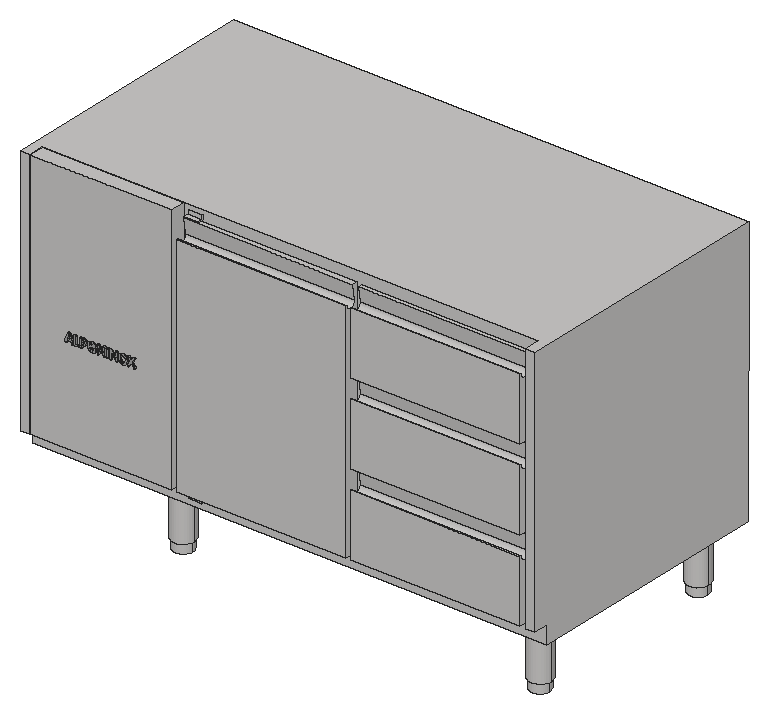
Revit family "QF_ALPENINOX_712009_AH2H7AC", category Specialty Equipment, Revit 2018
Family settings
  Round Connector Dimension = Use Diameter
  Part Type = Normal
  Work Plane-Based = No
  Always vertical = Yes
  Cut with Voids When Loaded = No
  Shared = No
  Room Calculation Point = No
Parameters
  Weight = 0.00 kg
  Watts = 0.0232258 W
  Volts = 220 V
  URL Manufacturer = "http://www.alpeninox.com/"
  URL = "http://www.alpeninox.com/"
  Steam Supply Size = 0 mm
  Steam Supply Minimum Pressure = 0.0 Pa
  Steam Supply Maximum Pressure = 0.0 Pa
  Steam Pounds per Hour = 0
  Show Logo [instance] = yes
  Show Clearance [instance] = yes
  Refrigeration Suction Line Size = 0 mm
  Refrigeration Liquid Line Size = 0 mm
  Refrigerant Compressor Remote = yes
  Manufacturer = "Alpeninox"
  Phase = 1
  Model = "AH2H7AC"
  Length Actual = 1341 mm  # constant formula
  Item Number = "712009"
  Hot Water Size = 0 mm
  Height Actual = 850 mm  # constant formula
  HP = "0.3 HP"
  Gas Size = 0 mm
  Gas KW = 0
  Gas Input Pressure = 0 W
  Description = "1DOOR+3x1/3DRAWERS REF.TABLE 290L-NO TOP"
  Depth Actual = 700 mm  # constant formula
  Cycle = 50 Hz
  Condensate Return Size = 0 mm
  Compressed Air Volume = 0.0 L/s
  Compressed Air Size = 0 mm
  Compressed Air Pressure = 0.0 Pa
  Cold Water Size = 0 mm
  Accessory = yes
Reference planes
  plane 1 "Center X": y = 182.5
  plane 2: z = 0
  plane 3 "Center Y": x = -126.5
  plane 4: y = -62.5
  plane 5: y = 451.5
  plane 6 "BACK": y = 532.5
  plane 7 "FRONT": y = -167.5
  plane 8: x = -452
  plane 9: x = 478
  plane 10: z = 150
  plane 11 "TOP": z = 900
  plane 12: z = 850
  plane 13 "LEFT": x = -797
  plane 14 "RIGHT": x = 544
Forms (mm)
  Extrusion 1, solid, material "QF_Finishes_Stainless Steel"
    sketch origin (-126.5, 2, 0) x (0, 1, 0) y (0, 0, 1)
      loop
        line (530.5, 150) -> (530.5, 850) -> (-124.5, 850) -> (-124.5, 150) -> (530.5, 150)
    from -670.5 to 670.5
  Extrusion 2, solid, material "QF_Finishes_Stainless Steel"
    sketch origin (-1022.223, -1524, 150) x (-1, 0, 0) y (0, -1, 0)
      loop
        line (-225.223, -1361.5) -> (-250.223, -1361.5) -> (-250.223, -1401.5) -> (-225.223, -1401.5) -> (-225.223, -1361.5)
      loop
        line (-1566.223, -1401.5) -> (-1541.223, -1401.5) -> (-1541.223, -1361.5) -> (-1566.223, -1361.5) -> (-1566.223, -1401.5)
    from 47 to 700
  Extrusion 3, solid, material "QF_Finishes_Stainless Steel"
    sketch origin (0, 0, 900) x (-1, 0, 0) y (0, -1, 0)
      loop
        circle (-57, -94.5) r 8.45
    from -790.577 to -750
  Extrusion 4, solid, material "QF_Finishes_Stainless Steel"
    sketch origin (0, 0, 0) x (1, 0, 0) y (0, 1, 0)
      loop
        circle (-713, 451.5) r 4
    from 109.423 to 150
Cuts and joins
  joined: Extrusion 1, Extrusion 2
Lines and regions (mm)
  symbolic lines, style "SpecialityEquipmentHiddenLines"
    curve 1: line (-797, -122.5, 900) -> (544, -122.5, 900)
    curve 2: line (-396, -162.5, 900) -> (-396, -122.5, 900)
    curve 3: line (-797, 532.5, 900) -> (544, 532.5, 900)
    curve 4: line (-797, 532.5, 900) -> (-797, -162.5, 900)
    curve 5: line (-797, -162.5, 900) -> (544, -162.5, 900)
    curve 6: line (544, -162.5, 900) -> (544, 532.5, 900)
Dimensions and locks
  locked: plane 6 "BACK" to plane 7 "FRONT" at 700
  equal spacing: plane 6 "BACK", plane 1 "Center X", plane 7 "FRONT"
  locked: plane 6 "BACK" to plane 5 at 81
  plane 10 to level = 150 mm
  plane 11 "TOP" to plane 12 to plane 10 = 50 mm locked, 700 mm locked
  locked: Extrusion 2 sketch curve to Extrusion 2 sketch curve at 25  (x2)
  locked: plane 4 to plane 7 "FRONT" at 105
  locked: plane 6 "BACK" to Extrusion 3 sketch curve at 438
  equal spacing: plane 13 "LEFT", plane 3 "Center Y", plane 14 "RIGHT"
  plane 13 "LEFT" to plane 14 "RIGHT" = 1341 mm
  locked: plane 13 "LEFT" to plane 8 at 345
  locked: plane 9 to plane 14 "RIGHT" at 66
  locked: Extrusion 3 sketch curve to plane 14 "RIGHT" at 487
  plane 13 "LEFT" to Extrusion 4 sketch curve = 84 mm
  locked: plane 6 "BACK" to Extrusion 4 sketch curve at 81
  locked: plane 10 to Extrusion 4 at 40.577
  aligned and locked: level to plane 2
  aligned and locked: plane 10 to Extrusion 3
  aligned and locked: nested 4 to plane 4
  aligned and locked: nested 1 to plane 4
  aligned and locked: nested 3 to plane 5
  aligned and locked: nested 2 to plane 5
  aligned and locked: plane 8 to nested 1
  aligned and locked: plane 8 to nested 2
  aligned and locked: plane 9 to nested 4
  aligned and locked: plane 9 to nested 3
  aligned and locked: Extrusion 1 to Extrusion 2
  aligned and locked: Extrusion 2 to Extrusion 1
  aligned and locked: Extrusion 2 sketch curve to plane 14 "RIGHT"
  aligned and locked: plane 13 "LEFT" to Extrusion 2 sketch curve
  aligned and locked: cut or joined group of Extrusion 1, Extrusion 2 to plane 10
  aligned and locked: plane 12 to cut or joined group of Extrusion 1, Extrusion 2
  aligned and locked: plane 10 to Extrusion 4
Automatic sketch dimensions
  Extrusion 1 sketch curve to plane 10 = 0 mm
  Extrusion 1 sketch curve to plane 12 = 0 mm
  Extrusion 1 sketch curve to plane 6 "BACK" = 0 mm
  plane 7 "FRONT" to Extrusion 1 sketch curve = 45 mm
  plane 7 "FRONT" to Extrusion 2 sketch curve = 45 mm  (x2)
  plane 7 "FRONT" to Extrusion 2 sketch curve = 5 mm  (x2)
  curve 6 to plane 6 "BACK" = 0 mm
  curve 6 to plane 14 "RIGHT" = 0 mm
  curve 5 to plane 13 "LEFT" = 0 mm
  plane 7 "FRONT" to curve 5 = 5 mm
  plane 8 to curve 2 = 56 mm
  curve 1 to curve 4 = 40 mm
  radius of Extrusion 3 sketch curve = 8.45 mm
  radius of Extrusion 4 sketch curve = 4 mm
Nested families
  nested 1: "Foot_Ø50_H150" at (-452, -62.5, 0), type "Foot_Ø50_H150"
  nested 2: "Foot_Ø50_H150" at (-452, 451.5, 0), type "Foot_Ø50_H150"
  nested 3: "Foot_Ø50_H150" at (478, 451.5, 0), type "Foot_Ø50_H150"
  nested 4: "Foot_Ø50_H150" at (478, -62.5, 0), type "Foot_Ø50_H150"
  nested 5: "3x1-3 Drawers" at (285, -164.5, 0), Show Clearance <- "Show Clearance", type "3x1-3 Drawers"
  nested 6: "Door" at (-169, -164.5, 0) x (-1, 0, 0) z (0, 0, 1), Show Clearance <- "Show Clearance", type "Door"
  nested 7: "Refrigerator" at (544, -167.5, 900), type "Refrigerator"
  nested 8: "ALP_Cooling Unit" at (-587.5, -164.5, 0), Show Logo <- "Show Logo", type "ALP_Cooling Unit"
Connectors
  electrical at (-713, 451.5, 109.423), driven by "Volts"
    settings: on Extrusion 4, index 4, voltage 220 V, apparent load 0 VA, apparent load phase1 0 VA, apparent load phase2 0 VA, apparent load phase3 0 VA, power factor 1, load classification "Altro", number of poles 1, system type 30, power factor state 1, is connector primary yes, connector utility no, sub classification motor no, connector description "Electrical Connection"
  piping at (57, 94.5, 109.423), diameter 17
    settings: on Extrusion 3, index 5, connector inside diameter 609.6 mm, connector length 0 mm, flow factor 0, pipe flow 0.0 L/s, pressure drop 0.0 Pa, fitting loss kfactor 0, connector angle 0.00°, fixture units 0, engagement length 0 mm, angle of deflection 0.00°, flow configuration 1, flow direction 2, fitting loss method 0, system type 16, joint type 0, gender type 0, connector reference index -1, connector utility 0, adjustable connector no, is connector primary yes, connector description "Drain"
Definition of nested family "Foot_Ø50_H150"
  Reference planes
    plane 1 "Centro (Fronte/Retro)": y = 0
    plane 2: z = 0
    plane 3 "Centro (Sinistra/Destra)": x = 0
    plane 4: z = 150
  Forms (mm)
    Revolve 1, solid
      sketch origin (255.05, 0, 608.09) x (0, 0, 1) y (-1, 0, 0)
        loop
          line (-608.09, 255.05) -> (-608.09, 230.05) -> (-583.09, 230.05) -> (-583.09, 226.05) -> (-458.09, 226.05) -> (-458.09, 255.05) -> (-608.09, 255.05)
        axis (-608.09, 255.05) -> (-458.09, 255.05)
      angle from 0 to 360
  Dimensions and locks
    locked: Revolve 1 sketch curve to Revolve 1 sketch curve at 125
    aligned and locked: level to plane 2
    aligned and locked: plane 4 to Revolve 1 sketch curve
    aligned and locked: Revolve 1 sketch curve to level
    aligned and locked: plane 3 "Centro (Sinistra/Destra)" to Revolve 1 sketch curve
Definition of nested family "3x1-3 Drawers"
  Parameters
    Show Clearance [instance] = yes
  Reference planes
    plane 1 "FRONT": y = -3
    plane 2: z = 0
    plane 3 "Centro (Sinistra/Destra)": x = 0
    plane 4: z = 150
    plane 5: z = 850
    plane 6: x = -234
    plane 7: x = 234
    plane 8: x = -220
    plane 9: x = 220
  Forms (mm)
    Extrusion 1, solid
      sketch origin (0, 55, 511) x (0, 0, 1) y (0, -1, 0)
        loop
          line (314, 18) -> (314, 29) -> (274.395, 22.5)
          arc (274.395, 22.5) -> (260.395, 36.5) -> (274.395, 50.5) r 14
          line (274.395, 50.5) -> (274.395, 53) -> (111.333, 53) -> (111.333, 18) -> (314, 18)
        loop
          line (101.333, 29) -> (61.728, 22.5)
          arc (61.728, 22.5) -> (47.728, 36.5) -> (61.728, 50.5) r 14
          line (61.728, 50.5) -> (61.728, 53) -> (-101.333, 53) -> (-101.333, 18) -> (101.333, 18) -> (101.333, 29)
        loop
          line (-314, 18) -> (-111.333, 18) -> (-111.333, 29) -> (-150.939, 22.5)
          arc (-150.939, 22.5) -> (-164.939, 36.5) -> (-150.939, 50.5) r 14
          line (-150.939, 50.5) -> (-150.939, 53) -> (-314, 53) -> (-314, 18)
      from -220 to 220
    Extrusion 2, solid, visible <- "Show Clearance", detail levels coarse
      sketch origin (0, -462, 511) x (0, 0, 1) y (0, -1, 0)
        loop
          line (-314, 109) -> (-314, -464) -> (-111.333, -464) -> (-111.333, 109) -> (-314, 109)
        loop
          line (314, -464) -> (314, 109) -> (111.333, 109) -> (111.333, -464) -> (314, -464)
        loop
          line (101.333, 109) -> (-101.333, 109) -> (-101.333, -464) -> (101.333, -464) -> (101.333, 109)
      from -220 to 220
  Lines and regions (mm)
    symbolic lines
      curve 1: line (-190, -3, 0) -> (-190, -48, 0)
      curve 2: line (220, -48, 0) -> (-220, -48, 0)
      curve 3: line (-220, -48, 0) -> (-220, -83, 0)
      curve 4: line (-220, -83, 0) -> (220, -83, 0)
      curve 5: line (220, -83, 0) -> (220, -48, 0)
      curve 6: line (190, -48, 0) -> (190, -3, 0)
      curve 7: line (-190, -83, 0) -> (-190, -128, 0)
      curve 8: line (220, -128, 0) -> (-220, -128, 0)
      curve 9: line (-220, -128, 0) -> (-220, -163, 0)
      curve 10: line (-220, -163, 0) -> (220, -163, 0)
      curve 11: line (220, -163, 0) -> (220, -128, 0)
      curve 12: line (190, -128, 0) -> (190, -83, 0)
      curve 13: line (-190, -163, 0) -> (-190, -208, 0)
      curve 14: line (220, -208, 0) -> (-220, -208, 0)
      curve 15: line (-220, -208, 0) -> (-220, -243, 0)
      curve 16: line (-220, -243, 0) -> (220, -243, 0)
      curve 17: line (220, -243, 0) -> (220, -208, 0)
      curve 18: line (190, -208, 0) -> (190, -163, 0)
  Dimensions and locks
    aligned and locked: level to plane 2
Definition of nested family "Door"
  Parameters
    Show Clearance [instance] = yes
  Reference planes
    plane 1 "FRONT": y = -3
    plane 2: z = 0
    plane 3 "Centro (Sinistra/Destra)": x = 0
    plane 4: z = 150
    plane 5: z = 850
    plane 6: x = -234
    plane 7: x = 234
    plane 8: x = -220
    plane 9: x = 220
  Forms (mm)
    Extrusion 1, solid
      sketch origin (0, 53, 511) x (0, 0, 1) y (0, -1, 0)
        loop
          line (-323.003, 28.5) -> (-316.501, 28.5) -> (-316.501, 31) -> (-325.503, 31) -> (-325.503, 13.5) -> (-345.503, 13.5) -> (-345.503, 11) -> (-323.003, 11) -> (-323.003, 23.259) -> (-323.003, 28.5)
        loop
          line (-314, 27) -> (-316.501, 27) -> (-316.501, 18.501) -> (-319.752, 18.501) -> (-319.752, 16) -> (-314, 16) -> (-314, 27)
        loop
          line (315.003, 27) -> (315.003, 13.948) -> (315.003, 11) -> (327.503, 11) -> (327.503, 13.5) -> (317.503, 13.5) -> (317.503, 27) -> (315.003, 27)
      from 185 to 220
    Extrusion 2, solid, visible <- "Show Clearance", detail levels coarse
      sketch origin (0, 53, 511) x (0, -1, 0) y (1, 0, 0)
        loop
          line (51, 220) -> (51, -220)
          arc (51, -220) -> (339.234, -79.44) -> (454, 220) r 437.168
          line (454, 220) -> (51, 220)
      from -314 to 314
    Extrusion 3, solid
      sketch origin (0, 55, 511) x (0, 0, 1) y (0, -1, 0)
        loop
          line (314, 18) -> (314, 29) -> (274.395, 22.5)
          arc (274.395, 22.5) -> (260.395, 36.5) -> (274.395, 50.5) r 14
          line (274.395, 50.5) -> (274.395, 53) -> (-314, 53) -> (-314, 18) -> (314, 18)
      from -220 to 220
  Lines and regions (mm)
    symbolic lines
      curve 1: line (220, -3, 0) -> (220, -401, 0)
      curve 2: line (220, -401, 0) -> (185, -401, 0)
      curve 3: line (185, -401, 0) -> (185, -3, 0)
      curve 4: arc (-219.722, -3, 0) -> (-89.51, -275.368, 0) -> (185, -401, 0) r 442.855
  Dimensions and locks
    aligned and locked: level to plane 2
Definition of nested family "ALP_Cooling Unit"
  Parameters
    Show Logo [instance] = yes
  Reference planes
    plane 1 "FRONT": y = -3
    plane 2: z = 0
    plane 3 "Centro (Sinistra/Destra)": x = 0
    plane 4: z = 150
    plane 5: z = 850
    plane 6: x = -184.5
    plane 7: x = 184.5
  Forms (mm)
    Extrusion 1, solid
      sketch origin (0, 55, 511) x (0, 0, 1) y (0, -1, 0)
        loop
          line (-314, 53) -> (-314, 13) -> (339, 13) -> (339, 53) -> (-314, 53)
      from -184.5 to 184.5
  Lines and regions (mm)
    Split face 1
      outline origin (0, 2, 197) x (0, 0, 1) y (-1, 0, 0)
        loop
          line (566.835, 184.5) -> (566.835, -184.5)
        loop
          line (521.835, 184.5) -> (521.835, -184.5)
    Split face 2
      outline origin (0, 2, 197) x (0, 0, 1) y (-1, 0, 0)
        loop
          line (526.835, -184.5) -> (526.835, 150.5)
          arc (526.835, 150.5) -> (544.335, 168) -> (561.835, 150.5) r 17.5
          line (561.835, 150.5) -> (561.835, -184.5)
    Split face 3
      outline origin (0, 2, 197) x (0, 0, 1) y (-1, 0, 0)
        loop
          line (555.835, 149.5) -> (532.835, 149.5) -> (532.835, 94.5) -> (555.835, 94.5) -> (555.835, 149.5)
    Split face 4
      outline origin (0, 2, 197) x (0, 0, 1) y (-1, 0, 0)
        loop
          arc (510.649, 158.547) -> (506.648, 162.548) -> (502.647, 158.547) r 4.001
          line (502.647, 158.547) -> (502.647, 116.535)
          arc (502.647, 116.535) -> (506.648, 112.533) -> (510.649, 116.535) r 4.001
          line (510.649, 116.535) -> (510.649, 158.547)
    Split face 5
      outline origin (0, 2, 184.996) x (0, 0, 1) y (-1, 0, 0)
        loop
          arc (510.649, 158.547) -> (506.648, 162.548) -> (502.647, 158.547) r 4.001
          line (502.647, 158.547) -> (502.647, 116.535)
          arc (502.647, 116.535) -> (506.648, 112.533) -> (510.649, 116.535) r 4.001
          line (510.649, 116.535) -> (510.649, 158.547)
    Split face 6
      outline origin (0, 2, 172.993) x (0, 0, 1) y (-1, 0, 0)
        loop
          arc (510.649, 158.547) -> (506.648, 162.548) -> (502.647, 158.547) r 4.001
          line (502.647, 158.547) -> (502.647, 116.535)
          arc (502.647, 116.535) -> (506.648, 112.533) -> (510.649, 116.535) r 4.001
          line (510.649, 116.535) -> (510.649, 158.547)
    Split face 7
      outline origin (0, 2, 160.989) x (0, 0, 1) y (-1, 0, 0)
        loop
          arc (510.649, 158.547) -> (506.648, 162.548) -> (502.647, 158.547) r 4.001
          line (502.647, 158.547) -> (502.647, 116.535)
          arc (502.647, 116.535) -> (506.648, 112.533) -> (510.649, 116.535) r 4.001
          line (510.649, 116.535) -> (510.649, 158.547)
    Split face 8
      outline origin (0, 2, 148.986) x (0, 0, 1) y (-1, 0, 0)
        loop
          arc (510.649, 158.547) -> (506.648, 162.548) -> (502.647, 158.547) r 4.001
          line (502.647, 158.547) -> (502.647, 116.535)
          arc (502.647, 116.535) -> (506.648, 112.533) -> (510.649, 116.535) r 4.001
          line (510.649, 116.535) -> (510.649, 158.547)
    Split face 9
      outline origin (0, 2, 136.982) x (0, 0, 1) y (-1, 0, 0)
        loop
          arc (510.649, 158.547) -> (506.648, 162.548) -> (502.647, 158.547) r 4.001
          line (502.647, 158.547) -> (502.647, 116.535)
          arc (502.647, 116.535) -> (506.648, 112.533) -> (510.649, 116.535) r 4.001
          line (510.649, 116.535) -> (510.649, 158.547)
    Split face 10
      outline origin (0, 2, 124.979) x (0, 0, 1) y (-1, 0, 0)
        loop
          arc (510.649, 158.547) -> (506.648, 162.548) -> (502.647, 158.547) r 4.001
          line (502.647, 158.547) -> (502.647, 116.535)
          arc (502.647, 116.535) -> (506.648, 112.533) -> (510.649, 116.535) r 4.001
          line (510.649, 116.535) -> (510.649, 158.547)
    Split face 11
      outline origin (0, 2, 112.975) x (0, 0, 1) y (-1, 0, 0)
        loop
          arc (510.649, 158.547) -> (506.648, 162.548) -> (502.647, 158.547) r 4.001
          line (502.647, 158.547) -> (502.647, 116.535)
          arc (502.647, 116.535) -> (506.648, 112.533) -> (510.649, 116.535) r 4.001
          line (510.649, 116.535) -> (510.649, 158.547)
    Split face 12
      outline origin (0, 2, 100.972) x (0, 0, 1) y (-1, 0, 0)
        loop
          arc (510.649, 158.547) -> (506.648, 162.548) -> (502.647, 158.547) r 4.001
          line (502.647, 158.547) -> (502.647, 116.535)
          arc (502.647, 116.535) -> (506.648, 112.533) -> (510.649, 116.535) r 4.001
          line (510.649, 116.535) -> (510.649, 158.547)
    Split face 13
      outline origin (0, 2, 88.968) x (0, 0, 1) y (-1, 0, 0)
        loop
          arc (510.649, 158.547) -> (506.648, 162.548) -> (502.647, 158.547) r 4.001
          line (502.647, 158.547) -> (502.647, 116.535)
          arc (502.647, 116.535) -> (506.648, 112.533) -> (510.649, 116.535) r 4.001
          line (510.649, 116.535) -> (510.649, 158.547)
    Split face 14
      outline origin (0, 2, 76.965) x (0, 0, 1) y (-1, 0, 0)
        loop
          arc (510.649, 158.547) -> (506.648, 162.548) -> (502.647, 158.547) r 4.001
          line (502.647, 158.547) -> (502.647, 116.535)
          arc (502.647, 116.535) -> (506.648, 112.533) -> (510.649, 116.535) r 4.001
          line (510.649, 116.535) -> (510.649, 158.547)
    Split face 15
      outline origin (0, 2, 64.961) x (0, 0, 1) y (-1, 0, 0)
        loop
          arc (510.649, 158.547) -> (506.648, 162.548) -> (502.647, 158.547) r 4.001
          line (502.647, 158.547) -> (502.647, 116.535)
          arc (502.647, 116.535) -> (506.648, 112.533) -> (510.649, 116.535) r 4.001
          line (510.649, 116.535) -> (510.649, 158.547)
    Split face 16
      outline origin (0, 2, 52.958) x (0, 0, 1) y (-1, 0, 0)
        loop
          arc (510.649, 158.547) -> (506.648, 162.548) -> (502.647, 158.547) r 4.001
          line (502.647, 158.547) -> (502.647, 116.535)
          arc (502.647, 116.535) -> (506.648, 112.533) -> (510.649, 116.535) r 4.001
          line (510.649, 116.535) -> (510.649, 158.547)
    Split face 17
      outline origin (0, 2, 40.954) x (0, 0, 1) y (-1, 0, 0)
        loop
          arc (510.649, 158.547) -> (506.648, 162.548) -> (502.647, 158.547) r 4.001
          line (502.647, 158.547) -> (502.647, 116.535)
          arc (502.647, 116.535) -> (506.648, 112.533) -> (510.649, 116.535) r 4.001
          line (510.649, 116.535) -> (510.649, 158.547)
    Split face 18
      outline origin (0, 2, 28.951) x (0, 0, 1) y (-1, 0, 0)
        loop
          arc (510.649, 158.547) -> (506.648, 162.548) -> (502.647, 158.547) r 4.001
          line (502.647, 158.547) -> (502.647, 116.535)
          arc (502.647, 116.535) -> (506.648, 112.533) -> (510.649, 116.535) r 4.001
          line (510.649, 116.535) -> (510.649, 158.547)
    Split face 19
      outline origin (0, 2, 16.947) x (0, 0, 1) y (-1, 0, 0)
        loop
          arc (510.649, 158.547) -> (506.648, 162.548) -> (502.647, 158.547) r 4.001
          line (502.647, 158.547) -> (502.647, 116.535)
          arc (502.647, 116.535) -> (506.648, 112.533) -> (510.649, 116.535) r 4.001
          line (510.649, 116.535) -> (510.649, 158.547)
    Split face 20
      outline origin (55.016, 2, 197) x (0, 0, 1) y (-1, 0, 0)
        loop
          arc (510.649, 158.547) -> (506.648, 162.548) -> (502.647, 158.547) r 4.001
          line (502.647, 158.547) -> (502.647, 116.535)
          arc (502.647, 116.535) -> (506.648, 112.533) -> (510.649, 116.535) r 4.001
          line (510.649, 116.535) -> (510.649, 158.547)
    Split face 21
      outline origin (55.016, 2, 184.996) x (0, 0, 1) y (-1, 0, 0)
        loop
          arc (510.649, 158.547) -> (506.648, 162.548) -> (502.647, 158.547) r 4.001
          line (502.647, 158.547) -> (502.647, 116.535)
          arc (502.647, 116.535) -> (506.648, 112.533) -> (510.649, 116.535) r 4.001
          line (510.649, 116.535) -> (510.649, 158.547)
    Split face 22
      outline origin (55.016, 2, 172.993) x (0, 0, 1) y (-1, 0, 0)
        loop
          arc (510.649, 158.547) -> (506.648, 162.548) -> (502.647, 158.547) r 4.001
          line (502.647, 158.547) -> (502.647, 116.535)
          arc (502.647, 116.535) -> (506.648, 112.533) -> (510.649, 116.535) r 4.001
          line (510.649, 116.535) -> (510.649, 158.547)
    Split face 23
      outline origin (55.016, 2, 160.989) x (0, 0, 1) y (-1, 0, 0)
        loop
          arc (510.649, 158.547) -> (506.648, 162.548) -> (502.647, 158.547) r 4.001
          line (502.647, 158.547) -> (502.647, 116.535)
          arc (502.647, 116.535) -> (506.648, 112.533) -> (510.649, 116.535) r 4.001
          line (510.649, 116.535) -> (510.649, 158.547)
    Split face 24
      outline origin (55.016, 2, 148.986) x (0, 0, 1) y (-1, 0, 0)
        loop
          arc (510.649, 158.547) -> (506.648, 162.548) -> (502.647, 158.547) r 4.001
          line (502.647, 158.547) -> (502.647, 116.535)
          arc (502.647, 116.535) -> (506.648, 112.533) -> (510.649, 116.535) r 4.001
          line (510.649, 116.535) -> (510.649, 158.547)
    Split face 25
      outline origin (55.016, 2, 136.982) x (0, 0, 1) y (-1, 0, 0)
        loop
          arc (510.649, 158.547) -> (506.648, 162.548) -> (502.647, 158.547) r 4.001
          line (502.647, 158.547) -> (502.647, 116.535)
          arc (502.647, 116.535) -> (506.648, 112.533) -> (510.649, 116.535) r 4.001
          line (510.649, 116.535) -> (510.649, 158.547)
    Split face 26
      outline origin (55.016, 2, 124.979) x (0, 0, 1) y (-1, 0, 0)
        loop
          arc (510.649, 158.547) -> (506.648, 162.548) -> (502.647, 158.547) r 4.001
          line (502.647, 158.547) -> (502.647, 116.535)
          arc (502.647, 116.535) -> (506.648, 112.533) -> (510.649, 116.535) r 4.001
          line (510.649, 116.535) -> (510.649, 158.547)
    Split face 27
      outline origin (55.016, 2, 112.975) x (0, 0, 1) y (-1, 0, 0)
        loop
          arc (510.649, 158.547) -> (506.648, 162.548) -> (502.647, 158.547) r 4.001
          line (502.647, 158.547) -> (502.647, 116.535)
          arc (502.647, 116.535) -> (506.648, 112.533) -> (510.649, 116.535) r 4.001
          line (510.649, 116.535) -> (510.649, 158.547)
    Split face 28
      outline origin (55.016, 2, 100.972) x (0, 0, 1) y (-1, 0, 0)
        loop
          arc (510.649, 158.547) -> (506.648, 162.548) -> (502.647, 158.547) r 4.001
          line (502.647, 158.547) -> (502.647, 116.535)
          arc (502.647, 116.535) -> (506.648, 112.533) -> (510.649, 116.535) r 4.001
          line (510.649, 116.535) -> (510.649, 158.547)
    Split face 29
      outline origin (55.016, 2, 88.968) x (0, 0, 1) y (-1, 0, 0)
        loop
          arc (510.649, 158.547) -> (506.648, 162.548) -> (502.647, 158.547) r 4.001
          line (502.647, 158.547) -> (502.647, 116.535)
          arc (502.647, 116.535) -> (506.648, 112.533) -> (510.649, 116.535) r 4.001
          line (510.649, 116.535) -> (510.649, 158.547)
    Split face 30
      outline origin (55.016, 2, 76.965) x (0, 0, 1) y (-1, 0, 0)
        loop
          arc (510.649, 158.547) -> (506.648, 162.548) -> (502.647, 158.547) r 4.001
          line (502.647, 158.547) -> (502.647, 116.535)
          arc (502.647, 116.535) -> (506.648, 112.533) -> (510.649, 116.535) r 4.001
          line (510.649, 116.535) -> (510.649, 158.547)
    Split face 31
      outline origin (55.016, 2, 64.961) x (0, 0, 1) y (-1, 0, 0)
        loop
          arc (510.649, 158.547) -> (506.648, 162.548) -> (502.647, 158.547) r 4.001
          line (502.647, 158.547) -> (502.647, 116.535)
          arc (502.647, 116.535) -> (506.648, 112.533) -> (510.649, 116.535) r 4.001
          line (510.649, 116.535) -> (510.649, 158.547)
    Split face 32
      outline origin (55.016, 2, 52.958) x (0, 0, 1) y (-1, 0, 0)
        loop
          arc (510.649, 158.547) -> (506.648, 162.548) -> (502.647, 158.547) r 4.001
          line (502.647, 158.547) -> (502.647, 116.535)
          arc (502.647, 116.535) -> (506.648, 112.533) -> (510.649, 116.535) r 4.001
          line (510.649, 116.535) -> (510.649, 158.547)
    Split face 33
      outline origin (55.016, 2, 40.954) x (0, 0, 1) y (-1, 0, 0)
        loop
          arc (510.649, 158.547) -> (506.648, 162.548) -> (502.647, 158.547) r 4.001
          line (502.647, 158.547) -> (502.647, 116.535)
          arc (502.647, 116.535) -> (506.648, 112.533) -> (510.649, 116.535) r 4.001
          line (510.649, 116.535) -> (510.649, 158.547)
    Split face 34
      outline origin (55.016, 2, 28.951) x (0, 0, 1) y (-1, 0, 0)
        loop
          arc (510.649, 158.547) -> (506.648, 162.548) -> (502.647, 158.547) r 4.001
          line (502.647, 158.547) -> (502.647, 116.535)
          arc (502.647, 116.535) -> (506.648, 112.533) -> (510.649, 116.535) r 4.001
          line (510.649, 116.535) -> (510.649, 158.547)
    Split face 35
      outline origin (55.016, 2, 16.947) x (0, 0, 1) y (-1, 0, 0)
        loop
          arc (510.649, 158.547) -> (506.648, 162.548) -> (502.647, 158.547) r 4.001
          line (502.647, 158.547) -> (502.647, 116.535)
          arc (502.647, 116.535) -> (506.648, 112.533) -> (510.649, 116.535) r 4.001
          line (510.649, 116.535) -> (510.649, 158.547)
    Split face 36
      outline origin (110.032, 2, 197) x (0, 0, 1) y (-1, 0, 0)
        loop
          arc (510.649, 158.547) -> (506.648, 162.548) -> (502.647, 158.547) r 4.001
          line (502.647, 158.547) -> (502.647, 116.535)
          arc (502.647, 116.535) -> (506.648, 112.533) -> (510.649, 116.535) r 4.001
          line (510.649, 116.535) -> (510.649, 158.547)
    Split face 37
      outline origin (110.032, 2, 184.996) x (0, 0, 1) y (-1, 0, 0)
        loop
          arc (510.649, 158.547) -> (506.648, 162.548) -> (502.647, 158.547) r 4.001
          line (502.647, 158.547) -> (502.647, 116.535)
          arc (502.647, 116.535) -> (506.648, 112.533) -> (510.649, 116.535) r 4.001
          line (510.649, 116.535) -> (510.649, 158.547)
    Split face 38
      outline origin (110.032, 2, 172.993) x (0, 0, 1) y (-1, 0, 0)
        loop
          arc (510.649, 158.547) -> (506.648, 162.548) -> (502.647, 158.547) r 4.001
          line (502.647, 158.547) -> (502.647, 116.535)
          arc (502.647, 116.535) -> (506.648, 112.533) -> (510.649, 116.535) r 4.001
          line (510.649, 116.535) -> (510.649, 158.547)
    Split face 39
      outline origin (110.032, 2, 160.989) x (0, 0, 1) y (-1, 0, 0)
        loop
          arc (510.649, 158.547) -> (506.648, 162.548) -> (502.647, 158.547) r 4.001
          line (502.647, 158.547) -> (502.647, 116.535)
          arc (502.647, 116.535) -> (506.648, 112.533) -> (510.649, 116.535) r 4.001
          line (510.649, 116.535) -> (510.649, 158.547)
    Split face 40
      outline origin (110.032, 2, 148.986) x (0, 0, 1) y (-1, 0, 0)
        loop
          arc (510.649, 158.547) -> (506.648, 162.548) -> (502.647, 158.547) r 4.001
          line (502.647, 158.547) -> (502.647, 116.535)
          arc (502.647, 116.535) -> (506.648, 112.533) -> (510.649, 116.535) r 4.001
          line (510.649, 116.535) -> (510.649, 158.547)
    Split face 41
      outline origin (110.032, 2, 136.982) x (0, 0, 1) y (-1, 0, 0)
        loop
          arc (510.649, 158.547) -> (506.648, 162.548) -> (502.647, 158.547) r 4.001
          line (502.647, 158.547) -> (502.647, 116.535)
          arc (502.647, 116.535) -> (506.648, 112.533) -> (510.649, 116.535) r 4.001
          line (510.649, 116.535) -> (510.649, 158.547)
    Split face 42
      outline origin (110.032, 2, 124.979) x (0, 0, 1) y (-1, 0, 0)
        loop
          arc (510.649, 158.547) -> (506.648, 162.548) -> (502.647, 158.547) r 4.001
          line (502.647, 158.547) -> (502.647, 116.535)
          arc (502.647, 116.535) -> (506.648, 112.533) -> (510.649, 116.535) r 4.001
          line (510.649, 116.535) -> (510.649, 158.547)
    Split face 43
      outline origin (110.032, 2, 112.975) x (0, 0, 1) y (-1, 0, 0)
        loop
          arc (510.649, 158.547) -> (506.648, 162.548) -> (502.647, 158.547) r 4.001
          line (502.647, 158.547) -> (502.647, 116.535)
          arc (502.647, 116.535) -> (506.648, 112.533) -> (510.649, 116.535) r 4.001
          line (510.649, 116.535) -> (510.649, 158.547)
    Split face 44
      outline origin (110.032, 2, 100.972) x (0, 0, 1) y (-1, 0, 0)
        loop
          arc (510.649, 158.547) -> (506.648, 162.548) -> (502.647, 158.547) r 4.001
          line (502.647, 158.547) -> (502.647, 116.535)
          arc (502.647, 116.535) -> (506.648, 112.533) -> (510.649, 116.535) r 4.001
          line (510.649, 116.535) -> (510.649, 158.547)
    Split face 45
      outline origin (110.032, 2, 88.968) x (0, 0, 1) y (-1, 0, 0)
        loop
          arc (510.649, 158.547) -> (506.648, 162.548) -> (502.647, 158.547) r 4.001
          line (502.647, 158.547) -> (502.647, 116.535)
          arc (502.647, 116.535) -> (506.648, 112.533) -> (510.649, 116.535) r 4.001
          line (510.649, 116.535) -> (510.649, 158.547)
    Split face 46
      outline origin (110.032, 2, 76.965) x (0, 0, 1) y (-1, 0, 0)
        loop
          arc (510.649, 158.547) -> (506.648, 162.548) -> (502.647, 158.547) r 4.001
          line (502.647, 158.547) -> (502.647, 116.535)
          arc (502.647, 116.535) -> (506.648, 112.533) -> (510.649, 116.535) r 4.001
          line (510.649, 116.535) -> (510.649, 158.547)
    Split face 47
      outline origin (110.032, 2, 64.961) x (0, 0, 1) y (-1, 0, 0)
        loop
          arc (510.649, 158.547) -> (506.648, 162.548) -> (502.647, 158.547) r 4.001
          line (502.647, 158.547) -> (502.647, 116.535)
          arc (502.647, 116.535) -> (506.648, 112.533) -> (510.649, 116.535) r 4.001
          line (510.649, 116.535) -> (510.649, 158.547)
    Split face 48
      outline origin (110.032, 2, 52.958) x (0, 0, 1) y (-1, 0, 0)
        loop
          arc (510.649, 158.547) -> (506.648, 162.548) -> (502.647, 158.547) r 4.001
          line (502.647, 158.547) -> (502.647, 116.535)
          arc (502.647, 116.535) -> (506.648, 112.533) -> (510.649, 116.535) r 4.001
          line (510.649, 116.535) -> (510.649, 158.547)
    Split face 49
      outline origin (110.032, 2, 40.954) x (0, 0, 1) y (-1, 0, 0)
        loop
          arc (510.649, 158.547) -> (506.648, 162.548) -> (502.647, 158.547) r 4.001
          line (502.647, 158.547) -> (502.647, 116.535)
          arc (502.647, 116.535) -> (506.648, 112.533) -> (510.649, 116.535) r 4.001
          line (510.649, 116.535) -> (510.649, 158.547)
    Split face 50
      outline origin (110.032, 2, 28.951) x (0, 0, 1) y (-1, 0, 0)
        loop
          arc (510.649, 158.547) -> (506.648, 162.548) -> (502.647, 158.547) r 4.001
          line (502.647, 158.547) -> (502.647, 116.535)
          arc (502.647, 116.535) -> (506.648, 112.533) -> (510.649, 116.535) r 4.001
          line (510.649, 116.535) -> (510.649, 158.547)
    Split face 51
      outline origin (110.032, 2, 16.947) x (0, 0, 1) y (-1, 0, 0)
        loop
          arc (510.649, 158.547) -> (506.648, 162.548) -> (502.647, 158.547) r 4.001
          line (502.647, 158.547) -> (502.647, 116.535)
          arc (502.647, 116.535) -> (506.648, 112.533) -> (510.649, 116.535) r 4.001
          line (510.649, 116.535) -> (510.649, 158.547)
    Split face 52
      outline origin (165.048, 2, 197) x (0, 0, 1) y (-1, 0, 0)
        loop
          arc (510.649, 158.547) -> (506.648, 162.548) -> (502.647, 158.547) r 4.001
          line (502.647, 158.547) -> (502.647, 116.535)
          arc (502.647, 116.535) -> (506.648, 112.533) -> (510.649, 116.535) r 4.001
          line (510.649, 116.535) -> (510.649, 158.547)
    Split face 53
      outline origin (165.048, 2, 184.996) x (0, 0, 1) y (-1, 0, 0)
        loop
          arc (510.649, 158.547) -> (506.648, 162.548) -> (502.647, 158.547) r 4.001
          line (502.647, 158.547) -> (502.647, 116.535)
          arc (502.647, 116.535) -> (506.648, 112.533) -> (510.649, 116.535) r 4.001
          line (510.649, 116.535) -> (510.649, 158.547)
    Split face 54
      outline origin (165.048, 2, 172.993) x (0, 0, 1) y (-1, 0, 0)
        loop
          arc (510.649, 158.547) -> (506.648, 162.548) -> (502.647, 158.547) r 4.001
          line (502.647, 158.547) -> (502.647, 116.535)
          arc (502.647, 116.535) -> (506.648, 112.533) -> (510.649, 116.535) r 4.001
          line (510.649, 116.535) -> (510.649, 158.547)
    Split face 55
      outline origin (165.048, 2, 160.989) x (0, 0, 1) y (-1, 0, 0)
        loop
          arc (510.649, 158.547) -> (506.648, 162.548) -> (502.647, 158.547) r 4.001
          line (502.647, 158.547) -> (502.647, 116.535)
          arc (502.647, 116.535) -> (506.648, 112.533) -> (510.649, 116.535) r 4.001
          line (510.649, 116.535) -> (510.649, 158.547)
    Split face 56
      outline origin (165.048, 2, 148.986) x (0, 0, 1) y (-1, 0, 0)
        loop
          arc (510.649, 158.547) -> (506.648, 162.548) -> (502.647, 158.547) r 4.001
          line (502.647, 158.547) -> (502.647, 116.535)
          arc (502.647, 116.535) -> (506.648, 112.533) -> (510.649, 116.535) r 4.001
          line (510.649, 116.535) -> (510.649, 158.547)
    Split face 57
      outline origin (165.048, 2, 136.982) x (0, 0, 1) y (-1, 0, 0)
        loop
          arc (510.649, 158.547) -> (506.648, 162.548) -> (502.647, 158.547) r 4.001
          line (502.647, 158.547) -> (502.647, 116.535)
          arc (502.647, 116.535) -> (506.648, 112.533) -> (510.649, 116.535) r 4.001
          line (510.649, 116.535) -> (510.649, 158.547)
    Split face 58
      outline origin (165.048, 2, 124.979) x (0, 0, 1) y (-1, 0, 0)
        loop
          arc (510.649, 158.547) -> (506.648, 162.548) -> (502.647, 158.547) r 4.001
          line (502.647, 158.547) -> (502.647, 116.535)
          arc (502.647, 116.535) -> (506.648, 112.533) -> (510.649, 116.535) r 4.001
          line (510.649, 116.535) -> (510.649, 158.547)
    Split face 59
      outline origin (165.048, 2, 112.975) x (0, 0, 1) y (-1, 0, 0)
        loop
          arc (510.649, 158.547) -> (506.648, 162.548) -> (502.647, 158.547) r 4.001
          line (502.647, 158.547) -> (502.647, 116.535)
          arc (502.647, 116.535) -> (506.648, 112.533) -> (510.649, 116.535) r 4.001
          line (510.649, 116.535) -> (510.649, 158.547)
    Split face 60
      outline origin (165.048, 2, 100.972) x (0, 0, 1) y (-1, 0, 0)
        loop
          arc (510.649, 158.547) -> (506.648, 162.548) -> (502.647, 158.547) r 4.001
          line (502.647, 158.547) -> (502.647, 116.535)
          arc (502.647, 116.535) -> (506.648, 112.533) -> (510.649, 116.535) r 4.001
          line (510.649, 116.535) -> (510.649, 158.547)
    Split face 61
      outline origin (165.048, 2, 88.968) x (0, 0, 1) y (-1, 0, 0)
        loop
          arc (510.649, 158.547) -> (506.648, 162.548) -> (502.647, 158.547) r 4.001
          line (502.647, 158.547) -> (502.647, 116.535)
          arc (502.647, 116.535) -> (506.648, 112.533) -> (510.649, 116.535) r 4.001
          line (510.649, 116.535) -> (510.649, 158.547)
    Split face 62
      outline origin (165.048, 2, 76.965) x (0, 0, 1) y (-1, 0, 0)
        loop
          arc (510.649, 158.547) -> (506.648, 162.548) -> (502.647, 158.547) r 4.001
          line (502.647, 158.547) -> (502.647, 116.535)
          arc (502.647, 116.535) -> (506.648, 112.533) -> (510.649, 116.535) r 4.001
          line (510.649, 116.535) -> (510.649, 158.547)
    Split face 63
      outline origin (165.048, 2, 64.961) x (0, 0, 1) y (-1, 0, 0)
        loop
          arc (510.649, 158.547) -> (506.648, 162.548) -> (502.647, 158.547) r 4.001
          line (502.647, 158.547) -> (502.647, 116.535)
          arc (502.647, 116.535) -> (506.648, 112.533) -> (510.649, 116.535) r 4.001
          line (510.649, 116.535) -> (510.649, 158.547)
    Split face 64
      outline origin (165.048, 2, 52.958) x (0, 0, 1) y (-1, 0, 0)
        loop
          arc (510.649, 158.547) -> (506.648, 162.548) -> (502.647, 158.547) r 4.001
          line (502.647, 158.547) -> (502.647, 116.535)
          arc (502.647, 116.535) -> (506.648, 112.533) -> (510.649, 116.535) r 4.001
          line (510.649, 116.535) -> (510.649, 158.547)
    Split face 65
      outline origin (165.048, 2, 40.954) x (0, 0, 1) y (-1, 0, 0)
        loop
          arc (510.649, 158.547) -> (506.648, 162.548) -> (502.647, 158.547) r 4.001
          line (502.647, 158.547) -> (502.647, 116.535)
          arc (502.647, 116.535) -> (506.648, 112.533) -> (510.649, 116.535) r 4.001
          line (510.649, 116.535) -> (510.649, 158.547)
    Split face 66
      outline origin (165.048, 2, 28.951) x (0, 0, 1) y (-1, 0, 0)
        loop
          arc (510.649, 158.547) -> (506.648, 162.548) -> (502.647, 158.547) r 4.001
          line (502.647, 158.547) -> (502.647, 116.535)
          arc (502.647, 116.535) -> (506.648, 112.533) -> (510.649, 116.535) r 4.001
          line (510.649, 116.535) -> (510.649, 158.547)
    Split face 67
      outline origin (165.048, 2, 16.947) x (0, 0, 1) y (-1, 0, 0)
        loop
          arc (510.649, 158.547) -> (506.648, 162.548) -> (502.647, 158.547) r 4.001
          line (502.647, 158.547) -> (502.647, 116.535)
          arc (502.647, 116.535) -> (506.648, 112.533) -> (510.649, 116.535) r 4.001
          line (510.649, 116.535) -> (510.649, 158.547)
    Split face 68
      outline origin (220.064, 2, 197) x (0, 0, 1) y (-1, 0, 0)
        loop
          arc (510.649, 158.547) -> (506.648, 162.548) -> (502.647, 158.547) r 4.001
          line (502.647, 158.547) -> (502.647, 116.535)
          arc (502.647, 116.535) -> (506.648, 112.533) -> (510.649, 116.535) r 4.001
          line (510.649, 116.535) -> (510.649, 158.547)
    Split face 69
      outline origin (220.064, 2, 184.996) x (0, 0, 1) y (-1, 0, 0)
        loop
          arc (510.649, 158.547) -> (506.648, 162.548) -> (502.647, 158.547) r 4.001
          line (502.647, 158.547) -> (502.647, 116.535)
          arc (502.647, 116.535) -> (506.648, 112.533) -> (510.649, 116.535) r 4.001
          line (510.649, 116.535) -> (510.649, 158.547)
    Split face 70
      outline origin (220.064, 2, 172.993) x (0, 0, 1) y (-1, 0, 0)
        loop
          arc (510.649, 158.547) -> (506.648, 162.548) -> (502.647, 158.547) r 4.001
          line (502.647, 158.547) -> (502.647, 116.535)
          arc (502.647, 116.535) -> (506.648, 112.533) -> (510.649, 116.535) r 4.001
          line (510.649, 116.535) -> (510.649, 158.547)
    Split face 71
      outline origin (220.064, 2, 160.989) x (0, 0, 1) y (-1, 0, 0)
        loop
          arc (510.649, 158.547) -> (506.648, 162.548) -> (502.647, 158.547) r 4.001
          line (502.647, 158.547) -> (502.647, 116.535)
          arc (502.647, 116.535) -> (506.648, 112.533) -> (510.649, 116.535) r 4.001
          line (510.649, 116.535) -> (510.649, 158.547)
    Split face 72
      outline origin (220.064, 2, 148.986) x (0, 0, 1) y (-1, 0, 0)
        loop
          arc (510.649, 158.547) -> (506.648, 162.548) -> (502.647, 158.547) r 4.001
          line (502.647, 158.547) -> (502.647, 116.535)
          arc (502.647, 116.535) -> (506.648, 112.533) -> (510.649, 116.535) r 4.001
          line (510.649, 116.535) -> (510.649, 158.547)
    Split face 73
      outline origin (220.064, 2, 136.982) x (0, 0, 1) y (-1, 0, 0)
        loop
          arc (510.649, 158.547) -> (506.648, 162.548) -> (502.647, 158.547) r 4.001
          line (502.647, 158.547) -> (502.647, 116.535)
          arc (502.647, 116.535) -> (506.648, 112.533) -> (510.649, 116.535) r 4.001
          line (510.649, 116.535) -> (510.649, 158.547)
    Split face 74
      outline origin (220.064, 2, 124.979) x (0, 0, 1) y (-1, 0, 0)
        loop
          arc (510.649, 158.547) -> (506.648, 162.548) -> (502.647, 158.547) r 4.001
          line (502.647, 158.547) -> (502.647, 116.535)
          arc (502.647, 116.535) -> (506.648, 112.533) -> (510.649, 116.535) r 4.001
          line (510.649, 116.535) -> (510.649, 158.547)
    Split face 75
      outline origin (220.064, 2, 112.975) x (0, 0, 1) y (-1, 0, 0)
        loop
          arc (510.649, 158.547) -> (506.648, 162.548) -> (502.647, 158.547) r 4.001
          line (502.647, 158.547) -> (502.647, 116.535)
          arc (502.647, 116.535) -> (506.648, 112.533) -> (510.649, 116.535) r 4.001
          line (510.649, 116.535) -> (510.649, 158.547)
    Split face 76
      outline origin (220.064, 2, 100.972) x (0, 0, 1) y (-1, 0, 0)
        loop
          arc (510.649, 158.547) -> (506.648, 162.548) -> (502.647, 158.547) r 4.001
          line (502.647, 158.547) -> (502.647, 116.535)
          arc (502.647, 116.535) -> (506.648, 112.533) -> (510.649, 116.535) r 4.001
          line (510.649, 116.535) -> (510.649, 158.547)
    Split face 77
      outline origin (220.064, 2, 88.968) x (0, 0, 1) y (-1, 0, 0)
        loop
          arc (510.649, 158.547) -> (506.648, 162.548) -> (502.647, 158.547) r 4.001
          line (502.647, 158.547) -> (502.647, 116.535)
          arc (502.647, 116.535) -> (506.648, 112.533) -> (510.649, 116.535) r 4.001
          line (510.649, 116.535) -> (510.649, 158.547)
    Split face 78
      outline origin (220.064, 2, 76.965) x (0, 0, 1) y (-1, 0, 0)
        loop
          arc (510.649, 158.547) -> (506.648, 162.548) -> (502.647, 158.547) r 4.001
          line (502.647, 158.547) -> (502.647, 116.535)
          arc (502.647, 116.535) -> (506.648, 112.533) -> (510.649, 116.535) r 4.001
          line (510.649, 116.535) -> (510.649, 158.547)
    Split face 79
      outline origin (220.064, 2, 64.961) x (0, 0, 1) y (-1, 0, 0)
        loop
          arc (510.649, 158.547) -> (506.648, 162.548) -> (502.647, 158.547) r 4.001
          line (502.647, 158.547) -> (502.647, 116.535)
          arc (502.647, 116.535) -> (506.648, 112.533) -> (510.649, 116.535) r 4.001
          line (510.649, 116.535) -> (510.649, 158.547)
    Split face 80
      outline origin (220.064, 2, 52.958) x (0, 0, 1) y (-1, 0, 0)
        loop
          arc (510.649, 158.547) -> (506.648, 162.548) -> (502.647, 158.547) r 4.001
          line (502.647, 158.547) -> (502.647, 116.535)
          arc (502.647, 116.535) -> (506.648, 112.533) -> (510.649, 116.535) r 4.001
          line (510.649, 116.535) -> (510.649, 158.547)
    Split face 81
      outline origin (220.064, 2, 40.954) x (0, 0, 1) y (-1, 0, 0)
        loop
          arc (510.649, 158.547) -> (506.648, 162.548) -> (502.647, 158.547) r 4.001
          line (502.647, 158.547) -> (502.647, 116.535)
          arc (502.647, 116.535) -> (506.648, 112.533) -> (510.649, 116.535) r 4.001
          line (510.649, 116.535) -> (510.649, 158.547)
    Split face 82
      outline origin (220.064, 2, 28.951) x (0, 0, 1) y (-1, 0, 0)
        loop
          arc (510.649, 158.547) -> (506.648, 162.548) -> (502.647, 158.547) r 4.001
          line (502.647, 158.547) -> (502.647, 116.535)
          arc (502.647, 116.535) -> (506.648, 112.533) -> (510.649, 116.535) r 4.001
          line (510.649, 116.535) -> (510.649, 158.547)
    Split face 83
      outline origin (220.064, 2, 16.947) x (0, 0, 1) y (-1, 0, 0)
        loop
          arc (510.649, 158.547) -> (506.648, 162.548) -> (502.647, 158.547) r 4.001
          line (502.647, 158.547) -> (502.647, 116.535)
          arc (502.647, 116.535) -> (506.648, 112.533) -> (510.649, 116.535) r 4.001
          line (510.649, 116.535) -> (510.649, 158.547)
    Split face 84
      outline origin (275.081, 2, 197) x (0, 0, 1) y (-1, 0, 0)
        loop
          arc (510.649, 158.547) -> (506.648, 162.548) -> (502.647, 158.547) r 4.001
          line (502.647, 158.547) -> (502.647, 116.535)
          arc (502.647, 116.535) -> (506.648, 112.533) -> (510.649, 116.535) r 4.001
          line (510.649, 116.535) -> (510.649, 158.547)
    Split face 85
      outline origin (275.081, 2, 184.996) x (0, 0, 1) y (-1, 0, 0)
        loop
          arc (510.649, 158.547) -> (506.648, 162.548) -> (502.647, 158.547) r 4.001
          line (502.647, 158.547) -> (502.647, 116.535)
          arc (502.647, 116.535) -> (506.648, 112.533) -> (510.649, 116.535) r 4.001
          line (510.649, 116.535) -> (510.649, 158.547)
    Split face 86
      outline origin (275.081, 2, 172.993) x (0, 0, 1) y (-1, 0, 0)
        loop
          arc (510.649, 158.547) -> (506.648, 162.548) -> (502.647, 158.547) r 4.001
          line (502.647, 158.547) -> (502.647, 116.535)
          arc (502.647, 116.535) -> (506.648, 112.533) -> (510.649, 116.535) r 4.001
          line (510.649, 116.535) -> (510.649, 158.547)
    Split face 87
      outline origin (275.081, 2, 160.989) x (0, 0, 1) y (-1, 0, 0)
        loop
          arc (510.649, 158.547) -> (506.648, 162.548) -> (502.647, 158.547) r 4.001
          line (502.647, 158.547) -> (502.647, 116.535)
          arc (502.647, 116.535) -> (506.648, 112.533) -> (510.649, 116.535) r 4.001
          line (510.649, 116.535) -> (510.649, 158.547)
    Split face 88
      outline origin (275.081, 2, 148.986) x (0, 0, 1) y (-1, 0, 0)
        loop
          arc (510.649, 158.547) -> (506.648, 162.548) -> (502.647, 158.547) r 4.001
          line (502.647, 158.547) -> (502.647, 116.535)
          arc (502.647, 116.535) -> (506.648, 112.533) -> (510.649, 116.535) r 4.001
          line (510.649, 116.535) -> (510.649, 158.547)
    Split face 89
      outline origin (275.081, 2, 136.982) x (0, 0, 1) y (-1, 0, 0)
        loop
          arc (510.649, 158.547) -> (506.648, 162.548) -> (502.647, 158.547) r 4.001
          line (502.647, 158.547) -> (502.647, 116.535)
          arc (502.647, 116.535) -> (506.648, 112.533) -> (510.649, 116.535) r 4.001
          line (510.649, 116.535) -> (510.649, 158.547)
    Split face 90
      outline origin (275.081, 2, 124.979) x (0, 0, 1) y (-1, 0, 0)
        loop
          arc (510.649, 158.547) -> (506.648, 162.548) -> (502.647, 158.547) r 4.001
          line (502.647, 158.547) -> (502.647, 116.535)
          arc (502.647, 116.535) -> (506.648, 112.533) -> (510.649, 116.535) r 4.001
          line (510.649, 116.535) -> (510.649, 158.547)
    Split face 91
      outline origin (275.081, 2, 112.975) x (0, 0, 1) y (-1, 0, 0)
        loop
          arc (510.649, 158.547) -> (506.648, 162.548) -> (502.647, 158.547) r 4.001
          line (502.647, 158.547) -> (502.647, 116.535)
          arc (502.647, 116.535) -> (506.648, 112.533) -> (510.649, 116.535) r 4.001
          line (510.649, 116.535) -> (510.649, 158.547)
    Split face 92
      outline origin (275.081, 2, 100.972) x (0, 0, 1) y (-1, 0, 0)
        loop
          arc (510.649, 158.547) -> (506.648, 162.548) -> (502.647, 158.547) r 4.001
          line (502.647, 158.547) -> (502.647, 116.535)
          arc (502.647, 116.535) -> (506.648, 112.533) -> (510.649, 116.535) r 4.001
          line (510.649, 116.535) -> (510.649, 158.547)
    Split face 93
      outline origin (275.081, 2, 88.968) x (0, 0, 1) y (-1, 0, 0)
        loop
          arc (510.649, 158.547) -> (506.648, 162.548) -> (502.647, 158.547) r 4.001
          line (502.647, 158.547) -> (502.647, 116.535)
          arc (502.647, 116.535) -> (506.648, 112.533) -> (510.649, 116.535) r 4.001
          line (510.649, 116.535) -> (510.649, 158.547)
    Split face 94
      outline origin (275.081, 2, 76.965) x (0, 0, 1) y (-1, 0, 0)
        loop
          arc (510.649, 158.547) -> (506.648, 162.548) -> (502.647, 158.547) r 4.001
          line (502.647, 158.547) -> (502.647, 116.535)
          arc (502.647, 116.535) -> (506.648, 112.533) -> (510.649, 116.535) r 4.001
          line (510.649, 116.535) -> (510.649, 158.547)
    Split face 95
      outline origin (275.081, 2, 64.961) x (0, 0, 1) y (-1, 0, 0)
        loop
          arc (510.649, 158.547) -> (506.648, 162.548) -> (502.647, 158.547) r 4.001
          line (502.647, 158.547) -> (502.647, 116.535)
          arc (502.647, 116.535) -> (506.648, 112.533) -> (510.649, 116.535) r 4.001
          line (510.649, 116.535) -> (510.649, 158.547)
    Split face 96
      outline origin (275.081, 2, 52.958) x (0, 0, 1) y (-1, 0, 0)
        loop
          arc (510.649, 158.547) -> (506.648, 162.548) -> (502.647, 158.547) r 4.001
          line (502.647, 158.547) -> (502.647, 116.535)
          arc (502.647, 116.535) -> (506.648, 112.533) -> (510.649, 116.535) r 4.001
          line (510.649, 116.535) -> (510.649, 158.547)
    Split face 97
      outline origin (275.081, 2, 40.954) x (0, 0, 1) y (-1, 0, 0)
        loop
          arc (510.649, 158.547) -> (506.648, 162.548) -> (502.647, 158.547) r 4.001
          line (502.647, 158.547) -> (502.647, 116.535)
          arc (502.647, 116.535) -> (506.648, 112.533) -> (510.649, 116.535) r 4.001
          line (510.649, 116.535) -> (510.649, 158.547)
    Split face 98
      outline origin (275.081, 2, 28.951) x (0, 0, 1) y (-1, 0, 0)
        loop
          arc (510.649, 158.547) -> (506.648, 162.548) -> (502.647, 158.547) r 4.001
          line (502.647, 158.547) -> (502.647, 116.535)
          arc (502.647, 116.535) -> (506.648, 112.533) -> (510.649, 116.535) r 4.001
          line (510.649, 116.535) -> (510.649, 158.547)
    Split face 99
      outline origin (275.081, 2, 16.947) x (0, 0, 1) y (-1, 0, 0)
        loop
          arc (510.649, 158.547) -> (506.648, 162.548) -> (502.647, 158.547) r 4.001
          line (502.647, 158.547) -> (502.647, 116.535)
          arc (502.647, 116.535) -> (506.648, 112.533) -> (510.649, 116.535) r 4.001
          line (510.649, 116.535) -> (510.649, 158.547)
    Split face 100
      outline origin (0, 2, -113.091) x (0, 0, 1) y (-1, 0, 0)
        loop
          arc (510.649, 158.547) -> (506.648, 162.548) -> (502.647, 158.547) r 4.001
          line (502.647, 158.547) -> (502.647, 116.535)
          arc (502.647, 116.535) -> (506.648, 112.533) -> (510.649, 116.535) r 4.001
          line (510.649, 116.535) -> (510.649, 158.547)
    Split face 101
      outline origin (0, 2, -125.094) x (0, 0, 1) y (-1, 0, 0)
        loop
          arc (510.649, 158.547) -> (506.648, 162.548) -> (502.647, 158.547) r 4.001
          line (502.647, 158.547) -> (502.647, 116.535)
          arc (502.647, 116.535) -> (506.648, 112.533) -> (510.649, 116.535) r 4.001
          line (510.649, 116.535) -> (510.649, 158.547)
    Split face 102
      outline origin (0, 2, -137.098) x (0, 0, 1) y (-1, 0, 0)
        loop
          arc (510.649, 158.547) -> (506.648, 162.548) -> (502.647, 158.547) r 4.001
          line (502.647, 158.547) -> (502.647, 116.535)
          arc (502.647, 116.535) -> (506.648, 112.533) -> (510.649, 116.535) r 4.001
          line (510.649, 116.535) -> (510.649, 158.547)
    Split face 103
      outline origin (0, 2, -149.101) x (0, 0, 1) y (-1, 0, 0)
        loop
          arc (510.649, 158.547) -> (506.648, 162.548) -> (502.647, 158.547) r 4.001
          line (502.647, 158.547) -> (502.647, 116.535)
          arc (502.647, 116.535) -> (506.648, 112.533) -> (510.649, 116.535) r 4.001
          line (510.649, 116.535) -> (510.649, 158.547)
    Split face 104
      outline origin (0, 2, -161.105) x (0, 0, 1) y (-1, 0, 0)
        loop
          arc (510.649, 158.547) -> (506.648, 162.548) -> (502.647, 158.547) r 4.001
          line (502.647, 158.547) -> (502.647, 116.535)
          arc (502.647, 116.535) -> (506.648, 112.533) -> (510.649, 116.535) r 4.001
          line (510.649, 116.535) -> (510.649, 158.547)
    Split face 105
      outline origin (0, 2, -173.108) x (0, 0, 1) y (-1, 0, 0)
        loop
          arc (510.649, 158.547) -> (506.648, 162.548) -> (502.647, 158.547) r 4.001
          line (502.647, 158.547) -> (502.647, 116.535)
          arc (502.647, 116.535) -> (506.648, 112.533) -> (510.649, 116.535) r 4.001
          line (510.649, 116.535) -> (510.649, 158.547)
    Split face 106
      outline origin (0, 2, -185.112) x (0, 0, 1) y (-1, 0, 0)
        loop
          arc (510.649, 158.547) -> (506.648, 162.548) -> (502.647, 158.547) r 4.001
          line (502.647, 158.547) -> (502.647, 116.535)
          arc (502.647, 116.535) -> (506.648, 112.533) -> (510.649, 116.535) r 4.001
          line (510.649, 116.535) -> (510.649, 158.547)
    Split face 107
      outline origin (0, 2, -197.115) x (0, 0, 1) y (-1, 0, 0)
        loop
          arc (510.649, 158.547) -> (506.648, 162.548) -> (502.647, 158.547) r 4.001
          line (502.647, 158.547) -> (502.647, 116.535)
          arc (502.647, 116.535) -> (506.648, 112.533) -> (510.649, 116.535) r 4.001
          line (510.649, 116.535) -> (510.649, 158.547)
    Split face 108
      outline origin (0, 2, -209.119) x (0, 0, 1) y (-1, 0, 0)
        loop
          arc (510.649, 158.547) -> (506.648, 162.548) -> (502.647, 158.547) r 4.001
          line (502.647, 158.547) -> (502.647, 116.535)
          arc (502.647, 116.535) -> (506.648, 112.533) -> (510.649, 116.535) r 4.001
          line (510.649, 116.535) -> (510.649, 158.547)
    Split face 109
      outline origin (0, 2, -221.122) x (0, 0, 1) y (-1, 0, 0)
        loop
          arc (510.649, 158.547) -> (506.648, 162.548) -> (502.647, 158.547) r 4.001
          line (502.647, 158.547) -> (502.647, 116.535)
          arc (502.647, 116.535) -> (506.648, 112.533) -> (510.649, 116.535) r 4.001
          line (510.649, 116.535) -> (510.649, 158.547)
    Split face 110
      outline origin (0, 2, -233.126) x (0, 0, 1) y (-1, 0, 0)
        loop
          arc (510.649, 158.547) -> (506.648, 162.548) -> (502.647, 158.547) r 4.001
          line (502.647, 158.547) -> (502.647, 116.535)
          arc (502.647, 116.535) -> (506.648, 112.533) -> (510.649, 116.535) r 4.001
          line (510.649, 116.535) -> (510.649, 158.547)
    Split face 111
      outline origin (0, 2, -245.129) x (0, 0, 1) y (-1, 0, 0)
        loop
          arc (510.649, 158.547) -> (506.648, 162.548) -> (502.647, 158.547) r 4.001
          line (502.647, 158.547) -> (502.647, 116.535)
          arc (502.647, 116.535) -> (506.648, 112.533) -> (510.649, 116.535) r 4.001
          line (510.649, 116.535) -> (510.649, 158.547)
    Split face 112
      outline origin (0, 2, -257.133) x (0, 0, 1) y (-1, 0, 0)
        loop
          arc (510.649, 158.547) -> (506.648, 162.548) -> (502.647, 158.547) r 4.001
          line (502.647, 158.547) -> (502.647, 116.535)
          arc (502.647, 116.535) -> (506.648, 112.533) -> (510.649, 116.535) r 4.001
          line (510.649, 116.535) -> (510.649, 158.547)
    Split face 113
      outline origin (0, 2, -269.136) x (0, 0, 1) y (-1, 0, 0)
        loop
          arc (510.649, 158.547) -> (506.648, 162.548) -> (502.647, 158.547) r 4.001
          line (502.647, 158.547) -> (502.647, 116.535)
          arc (502.647, 116.535) -> (506.648, 112.533) -> (510.649, 116.535) r 4.001
          line (510.649, 116.535) -> (510.649, 158.547)
    Split face 114
      outline origin (0, 2, -281.14) x (0, 0, 1) y (-1, 0, 0)
        loop
          arc (510.649, 158.547) -> (506.648, 162.548) -> (502.647, 158.547) r 4.001
          line (502.647, 158.547) -> (502.647, 116.535)
          arc (502.647, 116.535) -> (506.648, 112.533) -> (510.649, 116.535) r 4.001
          line (510.649, 116.535) -> (510.649, 158.547)
    Split face 115
      outline origin (0, 2, -293.144) x (0, 0, 1) y (-1, 0, 0)
        loop
          arc (510.649, 158.547) -> (506.648, 162.548) -> (502.647, 158.547) r 4.001
          line (502.647, 158.547) -> (502.647, 116.535)
          arc (502.647, 116.535) -> (506.648, 112.533) -> (510.649, 116.535) r 4.001
          line (510.649, 116.535) -> (510.649, 158.547)
    Split face 116
      outline origin (55.016, 2, -113.091) x (0, 0, 1) y (-1, 0, 0)
        loop
          arc (510.649, 158.547) -> (506.648, 162.548) -> (502.647, 158.547) r 4.001
          line (502.647, 158.547) -> (502.647, 116.535)
          arc (502.647, 116.535) -> (506.648, 112.533) -> (510.649, 116.535) r 4.001
          line (510.649, 116.535) -> (510.649, 158.547)
    Split face 117
      outline origin (55.016, 2, -125.094) x (0, 0, 1) y (-1, 0, 0)
        loop
          arc (510.649, 158.547) -> (506.648, 162.548) -> (502.647, 158.547) r 4.001
          line (502.647, 158.547) -> (502.647, 116.535)
          arc (502.647, 116.535) -> (506.648, 112.533) -> (510.649, 116.535) r 4.001
          line (510.649, 116.535) -> (510.649, 158.547)
    Split face 118
      outline origin (55.016, 2, -137.098) x (0, 0, 1) y (-1, 0, 0)
        loop
          arc (510.649, 158.547) -> (506.648, 162.548) -> (502.647, 158.547) r 4.001
          line (502.647, 158.547) -> (502.647, 116.535)
          arc (502.647, 116.535) -> (506.648, 112.533) -> (510.649, 116.535) r 4.001
          line (510.649, 116.535) -> (510.649, 158.547)
    Split face 119
      outline origin (55.016, 2, -149.101) x (0, 0, 1) y (-1, 0, 0)
        loop
          arc (510.649, 158.547) -> (506.648, 162.548) -> (502.647, 158.547) r 4.001
          line (502.647, 158.547) -> (502.647, 116.535)
          arc (502.647, 116.535) -> (506.648, 112.533) -> (510.649, 116.535) r 4.001
          line (510.649, 116.535) -> (510.649, 158.547)
    Split face 120
      outline origin (55.016, 2, -161.105) x (0, 0, 1) y (-1, 0, 0)
        loop
          arc (510.649, 158.547) -> (506.648, 162.548) -> (502.647, 158.547) r 4.001
          line (502.647, 158.547) -> (502.647, 116.535)
          arc (502.647, 116.535) -> (506.648, 112.533) -> (510.649, 116.535) r 4.001
          line (510.649, 116.535) -> (510.649, 158.547)
    Split face 121
      outline origin (55.016, 2, -173.108) x (0, 0, 1) y (-1, 0, 0)
        loop
          arc (510.649, 158.547) -> (506.648, 162.548) -> (502.647, 158.547) r 4.001
          line (502.647, 158.547) -> (502.647, 116.535)
          arc (502.647, 116.535) -> (506.648, 112.533) -> (510.649, 116.535) r 4.001
          line (510.649, 116.535) -> (510.649, 158.547)
    Split face 122
      outline origin (55.016, 2, -185.112) x (0, 0, 1) y (-1, 0, 0)
        loop
          arc (510.649, 158.547) -> (506.648, 162.548) -> (502.647, 158.547) r 4.001
          line (502.647, 158.547) -> (502.647, 116.535)
          arc (502.647, 116.535) -> (506.648, 112.533) -> (510.649, 116.535) r 4.001
          line (510.649, 116.535) -> (510.649, 158.547)
    Split face 123
      outline origin (55.016, 2, -197.115) x (0, 0, 1) y (-1, 0, 0)
        loop
          arc (510.649, 158.547) -> (506.648, 162.548) -> (502.647, 158.547) r 4.001
          line (502.647, 158.547) -> (502.647, 116.535)
          arc (502.647, 116.535) -> (506.648, 112.533) -> (510.649, 116.535) r 4.001
          line (510.649, 116.535) -> (510.649, 158.547)
    Split face 124
      outline origin (55.016, 2, -209.119) x (0, 0, 1) y (-1, 0, 0)
        loop
          arc (510.649, 158.547) -> (506.648, 162.548) -> (502.647, 158.547) r 4.001
          line (502.647, 158.547) -> (502.647, 116.535)
          arc (502.647, 116.535) -> (506.648, 112.533) -> (510.649, 116.535) r 4.001
          line (510.649, 116.535) -> (510.649, 158.547)
